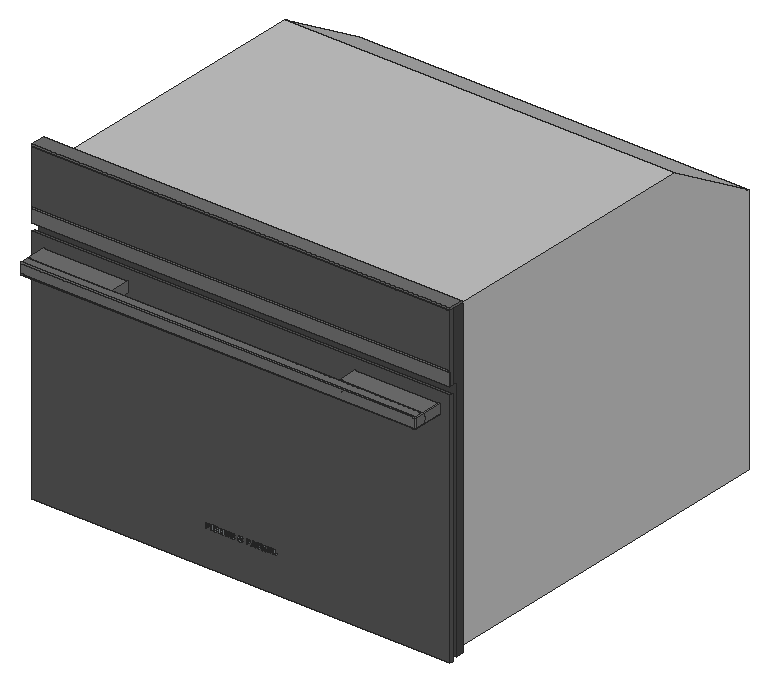
Revit family "FP_Revit_18_OS60NDBB1_Steam_Oven_90000818A", category Specialty Equipment, Revit 2018
Family settings
  Round Connector Dimension = Use Diameter
  Part Type = Normal
  OmniClass Number = 23.40.40.14.17.31
  OmniClass Title = Small Specialized Cooking Equipment
  Work Plane-Based = No
  Always vertical = Yes
  Cut with Voids When Loaded = Yes
  Shared = No
  Room Calculation Point = No
Parameters (values of type "OS60NDBB1")
  Visibility - Clearance Required = yes
  URL = "www.fisherpaykel.com"
  Product - Width = 596 mm  # constant formula
  Product - Height = 458 mm  # constant formula
  Product - Depth = 562 mm  # constant formula
  Model = "OS60NDBB1"
  Material - Trim = Fisher & Paykel - Aluminium, Dark
  Material - Structure = Fisher & Paykel - Black
  Material - Handle = Fisher & Paykel - Aluminium, Dark
  Material - Glass = Fisher & Paykel - Glass, Black
  Material - Body = Fisher & Paykel - Grey
  Manufacturer = "Fisher & Paykel Appliances"
  FFL Offset [instance] = 900 mm
  Description = "60cm Steam Oven"
  Connector Description - Electrical = "220-240 V, 50 Hz, 14.5 A"
  Chassis - Width = 556 mm  # constant formula
  Chassis - Height = 446 mm  # constant formula
  Chassis - Depth = 540 mm  # constant formula
  Cavity - Width = 560 mm  # constant formula
  Cavity - Height = 460 mm  # constant formula
  Cavity - Depth = 560 mm  # constant formula
Reference planes
  plane 1 "Center (Front/Back)": y = 0
  plane 2: z = 0
  plane 3 "Center (Left/Right)": x = 0
  plane 4: z = 1360
  plane 5: z = 1358
  plane 6 "Product LHS": x = -298
  plane 7 "Product RHS": x = 298
  plane 8 "Product - Depth": y = 0
  plane 9 "Cavity LHS": x = -300
  plane 10 "Cavity RHS": x = 300
  plane 11 "Cavity - Depth": y = 560
  plane 12 "Front Face": y = -22
  plane 13 "Chassis - Height": z = 0
  plane 14 "Product Depth": y = 540
  plane 15 "FFL Offset": z = 900
Forms (mm)
  Extrusion 1, solid, material "Fisher & Paykel - Grey" <- "Material - Body"
    sketch origin (0, 0, 0) x (0, 1, 0) y (0, 0, 1)
      loop
        line (0, 1346) -> (0, 907.28) -> (5.16, 907.28) -> (5.16, 900) -> (534.187, 900) -> (534.187, 1257.991) -> (403.295, 1336.64) -> (24.316, 1336.64) -> (8.71, 1346) -> (0, 1346)
    from -278 to 278
  Extrusion 2, solid, material "Fisher & Paykel - Black" <- "Material - Structure", detail levels fine
    sketch origin (0, 0, 0) x (0, 1, 0) y (0, 0, 1)
      loop
        line (0, 1353.9) -> (-2, 1353.9) -> (-2, 1355) -> (-18, 1355) -> (-18, 1258) -> (-9.89, 1258) -> (-9.89, 907.28) -> (0, 907.28) -> (0, 1353.9)
    from -298 to 298
  Extrusion 3, solid, material "Fisher & Paykel - Aluminium, Dark" <- "Material - Trim", detail levels fine
    sketch origin (0, 0, 0) x (0, 1, 0) y (0, 0, 1)
      loop
        line (-22, 1358) -> (-22, 1355) -> (-2, 1355) -> (-2, 1358) -> (-22, 1358)
    from -298 to 298
  Extrusion 4, solid, material "Fisher & Paykel - Glass, Black" <- "Material - Glass", detail levels fine
    sketch origin (0, 0, 0) x (0, 1, 0) y (0, 0, 1)
      loop
        line (-18, 1355) -> (-20.262, 1355)
        arc (-20.262, 1355) -> (-21.236, 1354.682) -> (-22, 1354) r 2.5
        line (-22, 1354) -> (-22, 1258) -> (-18, 1258) -> (-18, 1355)
    from -298 to 298
  Extrusion 5, solid, material "Fisher & Paykel - Glass, Black" <- "Material - Glass", detail levels fine
    sketch origin (0, 0, 0) x (0, 1, 0) y (0, 0, 1)
      loop
        line (-22, 1246.53) -> (-22, 904.53) -> (-18, 904.53) -> (-18, 1246.53) -> (-22, 1246.53)
    from -298 to 298
  Extrusion 6, solid, material "Fisher & Paykel - Black" <- "Material - Structure", detail levels fine
    sketch origin (0, 0, 0) x (0, 1, 0) y (0, 0, 1)
      loop
        line (-18, 1229.33) -> (-18, 907.28) -> (-9.89, 907.28) -> (-9.89, 1229.33) -> (-18, 1229.33)
    from -278 to 278
  Extrusion 7, void
    sketch origin (0, 0, 0) x (1, 0, 0) y (0, 0, 1)
      loop
        line (-158.462, 1052.91) -> (-229.24, 1052.91)
        arc (-229.24, 1052.91) -> (-232.776, 1051.446) -> (-234.24, 1047.91) r 5
        line (-234.24, 1047.91) -> (-234.24, 955.13)
        arc (-234.24, 955.13) -> (-232.776, 951.594) -> (-229.24, 950.13) r 5
        line (-229.24, 950.13) -> (-158.462, 950.13)
        arc (-158.462, 950.13) -> (-154.926, 951.594) -> (-153.462, 955.13) r 5
        line (-153.462, 955.13) -> (-153.462, 1047.91)
        arc (-153.462, 1047.91) -> (-154.926, 1051.446) -> (-158.462, 1052.91) r 5
    from -539.6 to -521.6
  Sweep 8, void
    path in 3D
      loop
        arc (-153.462, 521.6, 955.13) -> (-154.926, 521.6, 951.594) -> (-158.462, 521.6, 950.13) r 5
        line (-158.462, 521.6, 950.13) -> (-229.24, 521.6, 950.13)
        arc (-229.24, 521.6, 950.13) -> (-232.776, 521.6, 951.594) -> (-234.24, 521.6, 955.13) r 5
        line (-234.24, 521.6, 955.13) -> (-234.24, 521.6, 1047.91)
        arc (-234.24, 521.6, 1047.91) -> (-232.776, 521.6, 1051.446) -> (-229.24, 521.6, 1052.91) r 5
        line (-229.24, 521.6, 1052.91) -> (-158.462, 521.6, 1052.91)
        arc (-158.462, 521.6, 1052.91) -> (-154.926, 521.6, 1051.446) -> (-153.462, 521.6, 1047.91) r 5
        line (-153.462, 521.6, 1047.91) -> (-153.462, 521.6, 955.13)
    profile origin (-153.462, 521.6, 1001.52) x (-1, 0, 0) y (0, -1, 0)
      loop
        line (0, 0) -> (-21.3, -12.587) -> (0, -12.587) -> (0, 0)
  Extrusion 9, solid, material "Fisher & Paykel - Grey" <- "Material - Body", detail levels medium+fine
    sketch origin (0, 0, -100) x (1, 0, 0) y (0, 0, 1)
      loop
        line (-175.354, 1115.273) -> (-212.354, 1115.273) -> (-212.354, 1057.273) -> (-175.354, 1057.273) -> (-175.354, 1115.273)
    from -540 to -521.6
  Extrusion 10, solid, material "Fisher & Paykel - Aluminium, Dark" <- "Material - Trim", detail levels fine
    sketch origin (0, 0, 0) x (0, 1, 0) y (0, 0, 1)
      loop
        line (-22, 1258) -> (-22, 1277.8) -> (-22.8, 1277.8) -> (-23.7, 1275.5) -> (-23.7, 1258) -> (-22, 1258)
    from -298 to 298
  Extrusion 11, solid, material "Fisher & Paykel - Clearance Required", visible <- "Visibility - Clearance Required", detail levels coarse
    sketch origin (0, 0, 0) x (1, 0, 0) y (0, 1, 0)
      loop
        line (-280, 0) -> (280, 0) -> (280, 548.619) -> (-280, 548.619) -> (-280, 0)
    from 900 to 1360
  Extrusion 12, solid, material "Fisher & Paykel - Clearance Required", visible <- "Visibility - Clearance Required", detail levels coarse
    sketch origin (0, 0, 0) x (0, 1, 0) y (0, 0, 1)
      loop
        arc (-22, 1246.53) -> (-241.159, 1161.206) -> (-341.563, 948.532) r 317.644
        line (-341.563, 948.532) -> (-326.406, 946.445) -> (-332.106, 905.048) -> (-316.871, 902.951) -> (-311.171, 944.347) -> (-22, 904.53) -> (-22, 900) -> (0, 900) -> (0, 1360) -> (-22, 1360) -> (-22, 1246.53)
    from -300 to 300
  Sweep 13, solid, material "Fisher & Paykel - Grey" <- "Material - Body", detail levels fine
    path origin (0, 0, -100) x (0, 1, 0) y (0, 0, 1)
      loop
        arc (530.8, 1057.273) -> (536.019, 1044.673) -> (548.619, 1039.454) r 17.819
    profile origin (0, 536.019, 944.673) x (0, 0.707107, 0.707107) y (1, 0, 0)
      loop
        circle (0, -193.854) r 5
  Extrusion 14, solid, material "Fisher & Paykel - Glass, Black" <- "Material - Glass", detail levels coarse+medium
    sketch origin (0, 0, 0) x (0, 1, 0) y (0, 0, 1)
      loop
        line (-22, 1358) -> (-22, 1258) -> (-9.89, 1258) -> (-9.89, 1229.33) -> (-18, 1229.33) -> (-18, 1246.53) -> (-22, 1246.53) -> (-22, 904.53) -> (-18, 904.53) -> (-18, 907.28) -> (0, 907.28) -> (0, 1353.9) -> (-2, 1353.9) -> (-2, 1358) -> (-22, 1358)
    from -298 to 298
  Extrusion 15, solid, material "Fisher & Paykel - Grey" <- "Material - Body", not visible, detail levels medium+fine
    sketch origin (0, 0, 0) x (1, 0, 0) y (0, 0, 1)
      loop
        line (-175.354, 1115.273) -> (-212.354, 1115.273) -> (-212.354, 1057.273) -> (-175.354, 1057.273) -> (-175.354, 1115.273)
    from -540 to -521.6
  Sweep 16, solid, material "Fisher & Paykel - Grey" <- "Material - Body", not visible, detail levels fine
    path origin (0, 0, 0) x (0, 1, 0) y (0, 0, 1)
      loop
        arc (530.8, 1057.273) -> (536.019, 1044.673) -> (548.619, 1039.454) r 17.819
    profile origin (0, 536.019, 1044.673) x (0, 0.707107, 0.707107) y (1, 0, 0)
      loop
        circle (0, -193.854) r 5
  Extrusion 17, void
    sketch origin (0, 0, 0) x (1, 0, 0) y (0, 1, 0)
      loop
        line (-280, 0) -> (280, 0) -> (280, 548.619) -> (-280, 548.619) -> (-280, 0)
    from 900 to 1360
  Extrusion 18, solid, material "Fisher & Paykel - Clearance Required", visible <- "Visibility - Clearance Required", detail levels coarse
    sketch origin (0, 0, 0) x (0, 1, 0) y (0, 0, 1)
      loop
        arc (-22, 1246.53) -> (-241.159, 1161.206) -> (-341.563, 948.532) r 317.644
        line (-341.563, 948.532) -> (-326.406, 946.445) -> (-332.106, 905.048) -> (-316.871, 902.951) -> (-311.171, 944.347) -> (-22, 904.53) -> (-22, 900) -> (0, 900) -> (0, 1360) -> (-22, 1360) -> (-22, 1246.53)
    from -300 to 300
  Extrusion 19, void
    sketch origin (0, 0, 0) x (0, 1, 0) y (0, 0, 1)
      loop
        line (-22, 1360) -> (-22, 900) -> (0, 900) -> (0, 1360) -> (-22, 1360)
    from -300 to 300
Cuts and joins
  Extrusion 7, Sweep 8 cuts Extrusion 1
  Extrusion 7 cuts Extrusion 2
  Extrusion 7 cuts Extrusion 5
  Extrusion 7 cuts Extrusion 6
Lines and regions (mm)
  sketch lines
    curve 1: line (-153.462, 521.6, 1047.91) -> (-153.462, 521.6, 955.13)
    curve 2: arc (-153.462, 521.6, 1047.91) -> (-154.926, 521.6, 1051.446) -> (-158.462, 521.6, 1052.91) r 5
    curve 3: line (-229.24, 521.6, 1052.91) -> (-158.462, 521.6, 1052.91)
    curve 4: arc (-229.24, 521.6, 1052.91) -> (-232.776, 521.6, 1051.446) -> (-234.24, 521.6, 1047.91) r 5
    curve 5: line (-234.24, 521.6, 955.13) -> (-234.24, 521.6, 1047.91)
    curve 6: arc (-234.24, 521.6, 955.13) -> (-232.776, 521.6, 951.594) -> (-229.24, 521.6, 950.13) r 5
    curve 7: arc (-158.462, 521.6, 950.13) -> (-154.926, 521.6, 951.594) -> (-153.462, 521.6, 955.13) r 5
    curve 8: line (-158.462, 521.6, 950.13) -> (-229.24, 521.6, 950.13)
Text (mm)
  text "Due to ongoing product development, product details are subject to change without notice. \nPlease always refer to www.fisherpaykel.com for the most current product information. \n© Fisher & Paykel 2020" at (41.04, -413.295, 0), in view "Ref. Level (Plan)"
Dimensions and locks
  equal spacing: plane 6 "Product LHS", plane 3 "Center (Left/Right)", plane 7 "Product RHS"
  "Product - Width": plane 6 "Product LHS" to plane 7 "Product RHS"
  equal spacing: plane 9 "Cavity LHS", plane 3 "Center (Left/Right)", plane 10 "Cavity RHS"
  locked: plane 9 "Cavity LHS" to plane 10 "Cavity RHS" at 600
  "Cavity - Depth": plane 11 "Cavity - Depth" to plane 1 "Center (Front/Back)"
  locked: plane 12 "Front Face" to plane 1 "Center (Front/Back)" at 22
  "Chassis - Depth": plane 1 "Center (Front/Back)" to plane 14 "Product Depth"
  Extrusion 1 sketch curve to plane 14 "Product Depth" = 5.813 mm
  equal spacing: cut or joined group of Extrusion 1, Extrusion 7, Sweep 8, plane 3 "Center (Left/Right)", cut or joined group of Extrusion 1, Extrusion 7, Sweep 8
  "Chassis - Width": cut or joined group of Extrusion 1, Extrusion 7, Sweep 8 to cut or joined group of Extrusion 1, Extrusion 7, Sweep 8
  "FFL Offset": plane 15 "FFL Offset" to level
  locked: nested 2 to plane 15 "FFL Offset" at 61.04
  locked: cut or joined group of Extrusion 1, Extrusion 7, Sweep 8 to plane 15 "FFL Offset" at 7.28
  locked: Extrusion 14 to plane 15 "FFL Offset" at 4.53
  locked: cut or joined group of Extrusion 1, Extrusion 7, Sweep 8 to plane 15 "FFL Offset" at 436.64
  "Chassis - Height": cut or joined group of Extrusion 1, Extrusion 7, Sweep 8 to plane 15 "FFL Offset"
  Extrusion 11 to plane 15 "FFL Offset" = 460 mm
  locked: plane 15 "FFL Offset" to Extrusion 9 at 57.273
  locked: plane 15 "FFL Offset" to cut or joined group of Extrusion 1, Extrusion 7, Sweep 8 at 50.13
  "Product - Height": plane 5 to plane 15 "FFL Offset"
  "Cavity - Height": plane 4 to plane 15 "FFL Offset"
  locked: nested 1 to plane 15 "FFL Offset" at 330.978
  locked: plane 5 to Extrusion 14 at 100
  locked: plane 5 to Extrusion 14 at 111.47
  locked: Extrusion 12 sketch curve to plane 15 "FFL Offset" at 4.53
  locked: plane 15 "FFL Offset" to Extrusion 7 sketch curve at 152.91
  locked: plane 15 "FFL Offset" to Extrusion 7 sketch curve at 50.13
  "Cavity - Width": Extrusion 17 to Extrusion 17
  aligned and locked: level to plane 2
  aligned and locked: Extrusion 3 sketch curve to plane 5
  aligned and locked: plane 6 "Product LHS" to Extrusion 5
  aligned and locked: Extrusion 5 to plane 7 "Product RHS"
  aligned and locked: Extrusion 4 to plane 7 "Product RHS"
  aligned and locked: plane 6 "Product LHS" to Extrusion 4
  aligned and locked: plane 6 "Product LHS" to Extrusion 3
  aligned and locked: Extrusion 3 to plane 7 "Product RHS"
  aligned and locked: plane 6 "Product LHS" to Extrusion 2
  aligned and locked: Extrusion 2 to plane 7 "Product RHS"
  aligned and locked: plane 14 "Product Depth" to Extrusion 9
  aligned and locked: cut or joined group of Extrusion 1, Extrusion 7, Sweep 8 to Extrusion 9
  aligned and locked: Extrusion 10 to plane 7 "Product RHS"
  aligned and locked: plane 6 "Product LHS" to Extrusion 10
  aligned and locked: Extrusion 14 to plane 7 "Product RHS"
  aligned and locked: plane 6 "Product LHS" to Extrusion 14
  aligned and locked: Extrusion 1 to plane 15 "FFL Offset"
  aligned and locked: Extrusion 11 to cut or joined group of Extrusion 1, Extrusion 7, Sweep 8
  aligned and locked: Extrusion 14 to cut or joined group of Extrusion 1, Extrusion 7, Sweep 8
  aligned and locked: Extrusion 2 to cut or joined group of Extrusion 1, Extrusion 7, Sweep 8
  aligned and locked: Extrusion 6 to cut or joined group of Extrusion 1, Extrusion 7, Sweep 8
  aligned and locked: plane 5 to Extrusion 3
  aligned and locked: plane 5 to Extrusion 14
  aligned and locked: Extrusion 10 to Extrusion 4
  aligned and locked: Extrusion 14 to Extrusion 4
  aligned and locked: Extrusion 4 to cut or joined group of Extrusion 2, Extrusion 7
  aligned and locked: Extrusion 5 to Extrusion 14  (x2)
  aligned and locked: plane 4 to Extrusion 11
  aligned and locked: Extrusion 11 to Sweep 13
  aligned and locked: Extrusion 12 sketch curve to plane 15 "FFL Offset"
  aligned and locked: Extrusion 12 sketch curve to plane 4
  aligned and locked: plane 4 to Extrusion 17
  aligned and locked: Extrusion 17 to cut or joined group of Extrusion 1, Extrusion 7, Sweep 8
  aligned and locked: plane 15 "FFL Offset" to Extrusion 19 sketch curve
  aligned and locked: Extrusion 19 sketch curve to plane 4
Automatic sketch dimensions
  Extrusion 9 sketch curve to Extrusion 9 sketch curve = 37 mm
  Extrusion 9 sketch curve to Extrusion 9 sketch curve = 58 mm
  Sweep 13 sketch curve to profile plane = 0 mm
  Sweep 13 sketch curve to Sweep 13 sketch curve = 17.819 mm
  Sweep 13 sketch curve to profile plane = 193.854 mm
  Extrusion 15 sketch curve to Extrusion 15 sketch curve = 37 mm
  Extrusion 15 sketch curve to Extrusion 15 sketch curve = 58 mm
  Sweep 16 sketch curve to profile plane = 0 mm
  Sweep 16 sketch curve to Sweep 16 sketch curve = 17.819 mm
  Sweep 16 sketch curve to profile plane = 193.854 mm
  Extrusion 1 sketch curve to plane 1 "Center (Front/Back)" = 0 mm
  Extrusion 1 sketch curve to plane 15 "FFL Offset" = 0 mm
  Extrusion 1 sketch curve to plane 1 "Center (Front/Back)" = 5.16 mm
  Extrusion 1 sketch curve to Extrusion 1 sketch curve = 8.71 mm
  Extrusion 1 sketch curve to Extrusion 1 sketch curve = 15.606 mm
  Extrusion 1 sketch curve to plane 5 = 21.36 mm
  Extrusion 1 sketch curve to plane 14 "Product Depth" = 136.705 mm
  Extrusion 1 sketch curve to Extrusion 1 sketch curve = 7.28 mm
  Extrusion 1 sketch curve to plane 5 = 100.009 mm
  Extrusion 1 sketch curve to plane 5 = 12 mm
  Extrusion 2 sketch curve to plane 1 "Center (Front/Back)" = 0 mm
  plane 1 "Center (Front/Back)" to Extrusion 2 sketch curve = 2 mm
  plane 1 "Center (Front/Back)" to Extrusion 2 sketch curve = 9.89 mm
  plane 12 "Front Face" to Extrusion 2 sketch curve = 4 mm
  plane 15 "FFL Offset" to Extrusion 2 sketch curve = 7.28 mm
  Extrusion 2 sketch curve to plane 5 = 100 mm
  Extrusion 2 sketch curve to plane 5 = 4.1 mm
  Extrusion 2 sketch curve to Extrusion 2 sketch curve = 1.1 mm
  Extrusion 3 sketch curve to plane 12 "Front Face" = 0 mm
  plane 1 "Center (Front/Back)" to Extrusion 3 sketch curve = 2 mm
  Extrusion 3 sketch curve to plane 5 = 3 mm
  Extrusion 4 sketch curve to plane 12 "Front Face" = 0 mm
  plane 12 "Front Face" to Extrusion 4 sketch curve = 1.738 mm
  plane 12 "Front Face" to Extrusion 4 sketch curve = 2.011 mm
  plane 12 "Front Face" to Extrusion 4 sketch curve = 4 mm
  Extrusion 4 sketch curve to plane 5 = 100 mm
  Extrusion 4 sketch curve to plane 5 = 5.485 mm
  Extrusion 4 sketch curve to Extrusion 4 sketch curve = 1.485 mm
  Extrusion 5 sketch curve to plane 12 "Front Face" = 0 mm
  plane 12 "Front Face" to Extrusion 5 sketch curve = 4 mm
  plane 15 "FFL Offset" to Extrusion 5 sketch curve = 4.53 mm
  Extrusion 5 sketch curve to plane 5 = 111.47 mm
  plane 12 "Front Face" to Extrusion 6 sketch curve = 4 mm
  Extrusion 6 sketch curve to Extrusion 6 sketch curve = 8.11 mm
  plane 15 "FFL Offset" to Extrusion 6 sketch curve = 7.28 mm
  Extrusion 6 sketch curve to plane 5 = 128.67 mm
  Extrusion 7 sketch curve to plane 6 "Product LHS" = 63.76 mm
  Extrusion 7 sketch curve to Extrusion 7 sketch curve = 5 mm  (x3)
  Extrusion 7 sketch curve to Extrusion 7 sketch curve = 70.778 mm  (x2)
  Sweep 8 sketch curve to profile plane = 0 mm  (x2)
  Sweep 8 sketch curve to profile plane = 21.3 mm
  profile plane to Sweep 8 sketch curve = 12.587 mm
  Extrusion 10 sketch curve to plane 12 "Front Face" = 0 mm
  Extrusion 10 sketch curve to Extrusion 10 sketch curve = 0.8 mm
  Extrusion 10 sketch curve to plane 12 "Front Face" = 1.7 mm
  Extrusion 10 sketch curve to plane 5 = 100 mm
  Extrusion 10 sketch curve to Extrusion 10 sketch curve = 17.5 mm
  Extrusion 10 sketch curve to Extrusion 10 sketch curve = 2.3 mm
  plane 1 "Center (Front/Back)" to Extrusion 11 sketch curve = 0 mm
  plane 14 "Product Depth" to Extrusion 11 sketch curve = 8.619 mm
  Extrusion 11 sketch curve to plane 6 "Product LHS" = 18 mm
  plane 7 "Product RHS" to Extrusion 11 sketch curve = 18 mm
  Extrusion 12 sketch curve to plane 12 "Front Face" = 0 mm  (x2)
  Extrusion 12 sketch curve to plane 1 "Center (Front/Back)" = 0 mm
  Extrusion 12 sketch curve to plane 12 "Front Face" = 2.526 mm
  plane 15 "FFL Offset" to Extrusion 12 sketch curve = 44.347 mm
  Extrusion 12 sketch curve to Extrusion 12 sketch curve = 286.644 mm
  plane 15 "FFL Offset" to Extrusion 12 sketch curve = 2.951 mm
  plane 15 "FFL Offset" to Extrusion 12 sketch curve = 46.445 mm
  Extrusion 12 sketch curve to Extrusion 12 sketch curve = 15.235 mm
  plane 15 "FFL Offset" to Extrusion 12 sketch curve = 48.532 mm
  Extrusion 12 sketch curve to Extrusion 12 sketch curve = 24.366 mm
  Extrusion 14 sketch curve to plane 5 = 0 mm
  Extrusion 14 sketch curve to plane 12 "Front Face" = 0 mm  (x2)
  Extrusion 14 sketch curve to plane 1 "Center (Front/Back)" = 0 mm
  plane 12 "Front Face" to Extrusion 14 sketch curve = 4 mm  (x2)
  plane 1 "Center (Front/Back)" to Extrusion 14 sketch curve = 9.89 mm
  plane 1 "Center (Front/Back)" to Extrusion 14 sketch curve = 2 mm
  Extrusion 14 sketch curve to plane 5 = 4.1 mm
  Extrusion 14 sketch curve to Extrusion 14 sketch curve = 95.9 mm
  Extrusion 14 sketch curve to Extrusion 14 sketch curve = 11.47 mm
  Extrusion 14 sketch curve to Extrusion 14 sketch curve = 17.2 mm
  plane 15 "FFL Offset" to Extrusion 14 sketch curve = 7.28 mm
  Extrusion 14 sketch curve to Extrusion 14 sketch curve = 2.75 mm
  plane 1 "Center (Front/Back)" to Extrusion 17 sketch curve = 0 mm
  plane 14 "Product Depth" to Extrusion 17 sketch curve = 8.619 mm
  Extrusion 17 sketch curve to plane 6 "Product LHS" = 18 mm
  plane 7 "Product RHS" to Extrusion 17 sketch curve = 18 mm
  Extrusion 18 sketch curve to plane 12 "Front Face" = 0 mm  (x2)
  Extrusion 18 sketch curve to plane 1 "Center (Front/Back)" = 0 mm
  Extrusion 18 sketch curve to plane 15 "FFL Offset" = 0 mm
  Extrusion 18 sketch curve to plane 4 = 0 mm
  Extrusion 18 sketch curve to plane 12 "Front Face" = 2.526 mm
  plane 15 "FFL Offset" to Extrusion 18 sketch curve = 44.347 mm
  Extrusion 18 sketch curve to Extrusion 18 sketch curve = 286.644 mm
  plane 15 "FFL Offset" to Extrusion 18 sketch curve = 2.951 mm
  Extrusion 18 sketch curve to Extrusion 18 sketch curve = 5.7 mm
  plane 15 "FFL Offset" to Extrusion 18 sketch curve = 46.445 mm
  Extrusion 18 sketch curve to Extrusion 18 sketch curve = 15.235 mm
  plane 15 "FFL Offset" to Extrusion 18 sketch curve = 48.532 mm
  Extrusion 18 sketch curve to Extrusion 18 sketch curve = 24.366 mm
  Extrusion 19 sketch curve to plane 12 "Front Face" = 0 mm
  Extrusion 19 sketch curve to plane 1 "Center (Front/Back)" = 0 mm
  radius of Sweep 13 sketch curve = 5 mm
  radius of Sweep 16 sketch curve = 5 mm
Nested families
  nested 1: "F&P Handle Contemporary Square OB60-24" at (0, -22, 1223), type "Aluminium"
  nested 2: "F&P Logo 100mm" at (0, -22, 955), type "F&P Logo 100mm"
Connectors
  electrical at (-193.854, 548.619, 939.454), driven by "Connector Description - Electrical"
    settings: on Sweep 13, index 1, voltage 230 V, apparent load 0 VA, apparent load phase1 0 VA, apparent load phase2 0 VA, apparent load phase3 0 VA, power factor 1, load classification "Other", number of poles 1, system type 30, power factor state 1, is connector primary yes, connector utility no, sub classification motor no, connector description "220-240 V, 50 Hz, 14.5 A"
Definition of nested family "F&P Handle Contemporary Square OB60-24"
  Parameters (values of type "Aluminium Dark")
    URL = "www.fisherpaykel.com"
    Material - Handle = none
    Manufacturer = "Fisher & Paykel Appliances"
    Handle - Length = 565 mm
  Types (2): name
    Aluminium
    Aluminium Dark
  Reference planes
    plane 1 "Center (Front/Back)": y = 0
    plane 2: z = 0
    plane 3 "Center (Left/Right)": x = 0
    plane 4 "Product LHS": x = -282.5
    plane 5 "Product RHS": x = 282.5
    plane 6 "LHS Standoff": x = -162.495
    plane 7 "RHS Standoff": x = 162.505
  Forms (mm)
    Extrusion 1, solid, material <- "Material - Handle", detail levels fine
      sketch origin (0, 0, 0) x (0, 1, 0) y (0, 0, 1)
        loop
          arc (-28.701, 7.561) -> (-29.057, 7.868) -> (-29.514, 7.978) r 1
          line (-29.514, 7.978) -> (-40.5, 7.978)
          arc (-40.5, 7.978) -> (-41.561, 7.539) -> (-42, 6.478) r 1.5
          line (-42, 6.478) -> (-42, -6.522)
          arc (-42, -6.522) -> (-41.561, -7.583) -> (-40.5, -8.022) r 1.5
          line (-40.5, -8.022) -> (-29.487, -8.022)
          arc (-29.487, -8.022) -> (-29.029, -7.911) -> (-28.673, -7.602) r 1
          arc (-28.673, -7.602) -> (-26.256, -0.016) -> (-28.701, 7.561) r 13.038
      from -282.5 to 282.5
    Extrusion 2, solid, material <- "Material - Handle", detail levels fine
      sketch origin (0, 0, 0) x (0, 1, 0) y (0, 0, 1)
        loop
          arc (-28.23, 7.062) -> (-26.156, 0.008) -> (-28.198, -7.056) r 13.136
          arc (-28.198, -7.056) -> (-28.21, -7.463) -> (-27.86, -7.67) r 0.4
          line (-27.86, -7.67) -> (0, -7.67) -> (0, 7.678) -> (-27.893, 7.678)
          arc (-27.893, 7.678) -> (-28.244, 7.47) -> (-28.23, 7.062) r 0.4
      from 162.505 to 282.5
    Extrusion 3, solid, material <- "Material - Handle", detail levels fine
      sketch origin (0, 0, 0) x (0, 1, 0) y (0, 0, -1)
        loop
          arc (-28.23, -7.062) -> (-28.244, -7.47) -> (-27.893, -7.678) r 0.4
          line (-27.893, -7.678) -> (0, -7.678) -> (0, 7.67) -> (-27.86, 7.67)
          arc (-27.86, 7.67) -> (-28.21, 7.463) -> (-28.198, 7.056) r 0.4
          arc (-28.198, 7.056) -> (-26.156, -0.008) -> (-28.23, -7.062) r 13.136
      from 162.495 to 282.5
    Sweep 4, void
      path in 3D
        loop
          line (282.5, -29.514, 7.978) -> (282.5, -40.5, 7.978)
          arc (282.5, -40.5, 7.978) -> (282.5, -41.561, 7.539) -> (282.5, -42, 6.478) r 1.5
          line (282.5, -42, 6.478) -> (282.5, -42, -6.522)
          arc (282.5, -42, -6.522) -> (282.5, -41.561, -7.583) -> (282.5, -40.5, -8.022) r 1.5
          line (282.5, -40.5, -8.022) -> (282.5, -29.487, -8.022)
      profile origin (282.5, -35.007, 7.978) x (1, 0, 0) y (0, 0, 1)
        loop
          line (0, 0) -> (-1.3, 0) -> (0, -1.3) -> (0, 0)
    Sweep 5, void
      path in 3D
        loop
          line (-282.5, -29.487, -8.022) -> (-282.5, -40.5, -8.022)
          arc (-282.5, -40.5, -8.022) -> (-282.5, -41.561, -7.583) -> (-282.5, -42, -6.522) r 1.5
          line (-282.5, -42, -6.522) -> (-282.5, -42, 6.478)
          arc (-282.5, -42, 6.478) -> (-282.5, -41.561, 7.539) -> (-282.5, -40.5, 7.978) r 1.5
          line (-282.5, -40.5, 7.978) -> (-282.5, -29.514, 7.978)
      profile origin (-282.5, -35.007, 7.978) x (-1, 0, 0) y (0, 0, 1)
        loop
          line (0, 0) -> (-1.3, 0) -> (0, -1.3) -> (0, 0)
    Extrusion 6, void
      sketch origin (0, 0, 0) x (1, 0, 0) y (0, 0, 1)
        loop
          line (282.5, 7.978) -> (281.2, 7.978) -> (282.5, 6.678) -> (282.5, 7.978)
        loop
          line (282.5, -8.022) -> (282.5, -6.722) -> (281.2, -8.022) -> (282.5, -8.022)
      from 0 to 40
    Extrusion 7, void
      sketch origin (0, 0, 0) x (1, 0, 0) y (0, 0, 1)
        loop
          line (-282.5, 7.978) -> (-282.5, 6.678) -> (-281.2, 7.978) -> (-282.5, 7.978)
        loop
          line (-282.5, -8.022) -> (-281.2, -8.022) -> (-282.5, -6.722) -> (-282.5, -8.022)
      from 0 to 40
    Extrusion 8, solid, material <- "Material - Handle", detail levels coarse+medium
      sketch origin (0, 0, 0) x (1, 0, 0) y (0, 1, 0)
        loop
          line (-282.5, -42) -> (282.5, -42) -> (282.5, 0) -> (162.505, 0) -> (162.505, -26.156) -> (-162.495, -26.156) -> (-162.495, 0) -> (-282.5, 0) -> (-282.5, -42)
      from -8.022 to 7.978
  Cuts and joins
    Sweep 4, Sweep 5, Extrusion 6, Extrusion 7 cuts Extrusion 1
    Extrusion 6 cuts Extrusion 2
    Extrusion 7 cuts Extrusion 3
  Lines and regions (mm)
    sketch lines
      curve 1: line (282.5, -29.514, 7.978) -> (282.5, -40.5, 7.978)
      curve 2: arc (282.5, -42, 6.478) -> (282.5, -41.561, 7.539) -> (282.5, -40.5, 7.978) r 1.5
      curve 3: line (282.5, -42, 6.478) -> (282.5, -42, -6.522)
      curve 4: arc (282.5, -40.5, -8.022) -> (282.5, -41.561, -7.583) -> (282.5, -42, -6.522) r 1.5
      curve 5: line (282.5, -40.5, -8.022) -> (282.5, -29.487, -8.022)
      curve 6: line (-282.5, -40.5, 7.978) -> (-282.5, -29.514, 7.978)
      curve 7: arc (-282.5, -40.5, 7.978) -> (-282.5, -41.561, 7.539) -> (-282.5, -42, 6.478) r 1.5
      curve 8: line (-282.5, -42, -6.522) -> (-282.5, -42, 6.478)
      curve 9: arc (-282.5, -42, -6.522) -> (-282.5, -41.561, -7.583) -> (-282.5, -40.5, -8.022) r 1.5
      curve 10: line (-282.5, -29.487, -8.022) -> (-282.5, -40.5, -8.022)
  Dimensions and locks
    equal spacing: plane 4 "Product LHS", plane 3 "Center (Left/Right)", plane 5 "Product RHS"
    "Handle - Length": plane 4 "Product LHS" to plane 5 "Product RHS"
    locked: plane 4 "Product LHS" to plane 6 "LHS Standoff" at 120.005
    locked: plane 7 "RHS Standoff" to plane 5 "Product RHS" at 119.995
    aligned and locked: level to plane 2
    aligned and locked: Extrusion 1 to plane 5 "Product RHS"
    aligned and locked: plane 4 "Product LHS" to Extrusion 1
    aligned and locked: Extrusion 2 to plane 5 "Product RHS"
    aligned and locked: plane 4 "Product LHS" to Extrusion 3
    aligned and locked: plane 4 "Product LHS" to Extrusion 8 sketch curve
    aligned and locked: Extrusion 8 sketch curve to plane 5 "Product RHS"
    aligned and locked: Extrusion 8 sketch curve to plane 7 "RHS Standoff"
    aligned and locked: plane 6 "LHS Standoff" to Extrusion 8 sketch curve
    aligned and locked: Extrusion 2 to plane 7 "RHS Standoff"
    aligned and locked: plane 6 "LHS Standoff" to Extrusion 3
  Automatic sketch dimensions
    Extrusion 1 sketch curve to level = 6.522 mm
    plane 1 "Center (Front/Back)" to Extrusion 1 sketch curve = 42 mm
    Extrusion 1 sketch curve to Extrusion 1 sketch curve = 1.5 mm  (x2)
    Extrusion 1 sketch curve to level = 0.04 mm
    Extrusion 1 sketch curve to Extrusion 1 sketch curve = 1.206 mm
    level to Extrusion 1 sketch curve = 6.978 mm
    Extrusion 1 sketch curve to Extrusion 1 sketch curve = 10.986 mm
    Extrusion 1 sketch curve to Extrusion 1 sketch curve = 11.013 mm
    Extrusion 1 sketch curve to Extrusion 1 sketch curve = 1 mm
    level to Extrusion 1 sketch curve = 6.478 mm
    Extrusion 1 sketch curve to Extrusion 1 sketch curve = 0 mm
    Extrusion 2 sketch curve to plane 1 "Center (Front/Back)" = 0 mm
    Extrusion 2 sketch curve to level = 7.67 mm
    Extrusion 2 sketch curve to Extrusion 2 sketch curve = 27.86 mm
    level to Extrusion 2 sketch curve = 7.678 mm
    Extrusion 2 sketch curve to Extrusion 2 sketch curve = 0.033 mm
    Extrusion 2 sketch curve to level = 0.022 mm
    Extrusion 2 sketch curve to Extrusion 2 sketch curve = 11.398 mm
    Extrusion 2 sketch curve to Extrusion 2 sketch curve = 0.4 mm  (x2)
    Extrusion 2 sketch curve to Extrusion 2 sketch curve = 0 mm
    Extrusion 3 sketch curve to plane 1 "Center (Front/Back)" = 0 mm
    Extrusion 3 sketch curve to level = 7.67 mm
    Extrusion 3 sketch curve to Extrusion 3 sketch curve = 27.86 mm
    level to Extrusion 3 sketch curve = 7.678 mm
    Extrusion 3 sketch curve to Extrusion 3 sketch curve = 0.033 mm
    Extrusion 3 sketch curve to level = 0.022 mm
    Extrusion 3 sketch curve to Extrusion 3 sketch curve = 11.398 mm
    Extrusion 3 sketch curve to Extrusion 3 sketch curve = 0.4 mm  (x2)
    Extrusion 3 sketch curve to Extrusion 3 sketch curve = 0 mm
    profile plane to Sweep 4 sketch curve = 0 mm
    Sweep 4 sketch curve to profile plane = 0 mm
    Sweep 4 sketch curve to profile plane = 1.3 mm
    profile plane to Sweep 4 sketch curve = 1.3 mm
    Sweep 5 sketch curve to profile plane = 0 mm  (x2)
    profile plane to Sweep 5 sketch curve = 1.3 mm
    Sweep 5 sketch curve to profile plane = 1.3 mm
    plane 5 "Product RHS" to Extrusion 6 sketch curve = 0 mm  (x2)
    Extrusion 6 sketch curve to Extrusion 6 sketch curve = 1.3 mm  (x4)
    Extrusion 6 sketch curve to level = 6.722 mm
    level to Extrusion 6 sketch curve = 6.678 mm
    plane 4 "Product LHS" to Extrusion 7 sketch curve = 0 mm  (x2)
    Extrusion 7 sketch curve to plane 4 "Product LHS" = 1.3 mm  (x2)
    Extrusion 7 sketch curve to level = 8.022 mm
    level to Extrusion 7 sketch curve = 6.678 mm
    Extrusion 7 sketch curve to Extrusion 7 sketch curve = 1.3 mm  (x2)
    plane 1 "Center (Front/Back)" to Extrusion 8 sketch curve = 0 mm  (x2)
    Extrusion 8 sketch curve to Extrusion 8 sketch curve = 26.156 mm
    Extrusion 8 sketch curve to Extrusion 8 sketch curve = 42 mm
Definition of nested family "F&P Logo 100mm"
  Parameters (values of type "F&P Logo 100mm")
    URL = "www.fisherpaykel.com"
    Material - Logo = none
    Manufacturer = "Fisher & Paykel Appliances"
  Reference planes
    plane 1 "Center (Front/Back)": y = 0
    plane 2: z = 0
    plane 3 "Center (Left/Right)": x = 0
  Forms (mm)
    Extrusion 1, solid, material <- "Material - Logo", detail levels fine
      sketch origin (0, 0, 0) x (1, 0, 0) y (0, 0, 1)
        loop
          line (-50.044, 0) -> (-48.47, 0) -> (-48.47, 2.138) -> (-46.011, 2.138) -> (-46.011, 3.472) -> (-48.47, 3.472) -> (-48.47, 4.712) -> (-45.795, 4.712) -> (-45.795, 6.04) -> (-50.044, 6.04) -> (-50.044, 0)
        loop
          line (-42.804, 6.04) -> (-42.804, 0) -> (-41.23, 0) -> (-41.23, 6.04) -> (-42.804, 6.04)
        loop
          line (-30.724, 6.04) -> (-30.724, 0) -> (-29.151, 0) -> (-29.151, 2.42) -> (-26.839, 2.42) -> (-26.839, 0) -> (-25.265, 0) -> (-25.265, 6.04) -> (-26.839, 6.04) -> (-26.839, 3.748) -> (-29.151, 3.748) -> (-29.151, 6.04) -> (-30.724, 6.04)
        loop
          line (-21.906, 6.04) -> (-21.906, 0) -> (-17.602, 0) -> (-17.602, 1.328) -> (-20.347, 1.328) -> (-20.347, 2.42) -> (-17.838, 2.42) -> (-17.838, 3.748) -> (-20.347, 3.748) -> (-20.347, 4.712) -> (-17.602, 4.712) -> (-17.602, 6.04) -> (-21.906, 6.04)
        loop
          line (45.667, 6.04) -> (45.667, 0) -> (49.956, 0) -> (49.956, 1.328) -> (47.241, 1.328) -> (47.241, 6.04) -> (45.667, 6.04)
        loop
          line (42.431, 6.04) -> (38.112, 6.04) -> (38.112, 0) -> (42.431, 0) -> (42.431, 1.328) -> (39.687, 1.328) -> (39.687, 2.42) -> (42.195, 2.42) -> (42.195, 3.748) -> (39.687, 3.748) -> (39.687, 4.712) -> (42.431, 4.712) -> (42.431, 6.04)
        loop
          line (33.451, 3.148) -> (35.683, 6.04) -> (33.844, 6.04) -> (31.915, 3.542) -> (31.915, 6.04) -> (30.342, 6.04) -> (30.342, 0) -> (31.915, 0) -> (31.915, 2.705) -> (33.903, 0) -> (35.763, 0) -> (33.451, 3.148)
        loop
          line (21.98, 6.04) -> (24.262, 2.42) -> (24.262, 0) -> (25.837, 0) -> (25.837, 2.341) -> (28.119, 6.04) -> (26.446, 6.04) -> (25.099, 3.707) -> (23.753, 6.04) -> (21.98, 6.04)
        loop
          line (18.479, 6.04) -> (16.983, 6.04) -> (14.524, 0) -> (16.069, 0) -> (16.501, 1.112) -> (18.921, 1.112) -> (19.354, 0) -> (20.938, 0) -> (18.479, 6.04)
        loop
          line (18.4, 2.439) -> (17.693, 4.174) -> (17.018, 2.439) -> (18.4, 2.439)
        loop
          line (8.031, 6.04) -> (8.031, 0) -> (9.605, 0) -> (9.605, 1.938) -> (10.599, 1.938)
          arc (10.599, 1.938) -> (12.65, 3.989) -> (10.599, 6.04) r 2.051
          line (10.599, 6.04) -> (8.031, 6.04)
        loop
          line (9.605, 4.712) -> (9.605, 3.197) -> (10.501, 3.197)
          arc (10.501, 3.197) -> (11.259, 3.954) -> (10.501, 4.712) r 0.757
          line (10.501, 4.712) -> (9.605, 4.712)
        loop
          line (-11.783, 6.04) -> (-14.366, 6.04) -> (-14.366, 0) -> (-12.792, 0) -> (-12.792, 1.336) -> (-11.992, 1.336) -> (-10.972, 0) -> (-9.153, 0) -> (-10.694, 1.973)
          arc (-10.694, 1.973) -> (-9.678, 4.424) -> (-11.783, 6.04) r 2.179
        loop
          line (-11.897, 4.712) -> (-12.792, 4.712) -> (-12.792, 3.053) -> (-11.897, 3.053)
          arc (-11.897, 3.053) -> (-11.068, 3.882) -> (-11.897, 4.712) r 0.83
        loop
          line (0.477, 4.712) -> (0.477, 6.153) -> (-3.575, 6.153) -> (-3.575, 4.851) -> (-2.974, 4.112)
          arc (-2.974, 4.112) -> (-3.51, 0.684) -> (-0.045, 0.512) r 2.334
          line (-0.045, 0.512) -> (0.46, -0.109) -> (2.246, -0.109) -> (0.86, 1.594) -> (2.061, 3.324) -> (0.443, 3.324) -> (-0.013, 2.667) -> (-1.677, 4.712) -> (0.477, 4.712)
        loop
          arc (-2.125, 3.068) -> (-2.269, 1.668) -> (-0.868, 1.524) r 0.996
          line (-0.868, 1.524) -> (-2.125, 3.068)
        loop
          line (-35.18, 3.634) -> (-36.516, 3.91)
          arc (-36.516, 3.91) -> (-37.049, 4.443) -> (-36.516, 4.976) r 0.533
          arc (-36.516, 4.976) -> (-35.235, 4.79) -> (-34.059, 4.248) r 4.505
          line (-34.059, 4.248) -> (-34.059, 5.743)
          arc (-34.059, 5.743) -> (-35.549, 6.179) -> (-37.1, 6.109) r 4.726
          arc (-37.1, 6.109) -> (-38.536, 4.335) -> (-37.1, 2.561) r 1.814
          line (-37.1, 2.561) -> (-35.754, 2.282)
          arc (-35.754, 2.282) -> (-35.221, 1.749) -> (-35.754, 1.216) r 0.533
          arc (-35.754, 1.216) -> (-37.035, 1.402) -> (-38.211, 1.945) r 4.505
          line (-38.211, 1.945) -> (-38.211, 0.449)
          arc (-38.211, 0.449) -> (-36.72, 0.013) -> (-35.169, 0.083) r 4.726
          arc (-35.169, 0.083) -> (-33.734, 1.863) -> (-35.18, 3.634) r 1.814
      from 0 to 0.8
  Dimensions and locks
    aligned and locked: level to plane 2
